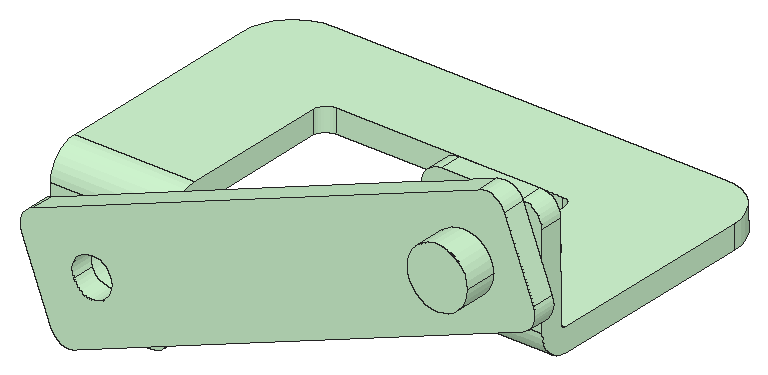
Revit family "hangerlock", category 機械設備, Revit 2022
Family settings
  丸型コネクタ寸法 = 直径を使用
  種別 = なし
  パーツ タイプ = 標準
  作業面ベース = いいえ
  常に垂直 = はい
  ロード時にボイドで切り取り = いいえ
  注釈の向きを維持 = いいえ
  共有 = いいえ
  部屋計算ポイント = いいえ
Parameters
  製造元 = "株式会社桐井製作所"
  既定の高さ = 0 mm
  URL = "https://www.kirii.co.jp/"
  K_品名 = "ハンガーロック"
  K_名称 = "耐震補強金具"
  K_入数 = "300"
  K_備考 = "許容荷重：JISハンガー2000N、一般ハンガー1000N"
  K_バージョン情報 = "20211012"
Reference planes
  plane 1 "中心(正面/背面)": y = 0
  plane 2: z = 0
  plane 3 "中心(左/右)": x = 0
Forms (mm)
  Extrusion 1, solid
    sketch origin (0.007, 0, 2.288) x (0, 1, 0) y (0.000846, 0, -1)
      loop
        line (-2.3, 14.3) -> (-2.3, 3)
        arc (-2.3, 3) -> (-1.421, 0.879) -> (0.7, 0) r 3
        line (0.7, 0) -> (26.7, 0) -> (26.7, 2.3) -> (0.7, 2.3)
        arc (0.7, 2.3) -> (0.205, 2.505) -> (0, 3) r 0.7
        line (0, 3) -> (0, 14.3) -> (-2.3, 14.3)
    from -24.5 to 24.5
  Extrusion 2, void
    sketch origin (0.007, 0, 2.288) x (-1, 0, -0.000846) y (0, 1, 0)
      loop
        arc (-11.25, 16.7) -> (-12.134, 16.334) -> (-12.5, 15.45) r 1.25
        line (-12.5, 15.45) -> (-12.5, 0.7) -> (-24.5, 0.7) -> (-24.5, -2.3) -> (12.5, -2.3) -> (12.5, 15.45)
        arc (12.5, 15.45) -> (12.134, 16.334) -> (11.25, 16.7) r 1.25
        line (11.25, 16.7) -> (-11.25, 16.7)
    from -1.442 to 14.3
  Extrusion 3, solid
    sketch origin (0.007, 0, 2.288) x (0, 1, 0) y (0.000846, 0, -1)
      loop
        line (0.7, 0) -> (0.7, 2.3)
        arc (0.7, 2.3) -> (-1.421, 1.421) -> (-2.3, -0.7) r 3
        line (-2.3, -0.7) -> (-2.3, -12) -> (0, -12) -> (0, -0.7)
        arc (0, -0.7) -> (0.205, -0.205) -> (0.7, 0) r 0.7
    from -24.5 to -12.5
  Extrusion 4, void
    sketch origin (0.007, 0, 2.288) x (-1, 0, -0.000846) y (0, 1, 0)
      loop
        line (-19.5, 26.7) -> (-24.5, 26.7) -> (-24.5, 21.7)
        arc (-24.5, 21.7) -> (-23.036, 25.236) -> (-19.5, 26.7) r 5
      loop
        line (24.5, 21.7) -> (24.5, 26.7) -> (19.5, 26.7)
        arc (19.5, 26.7) -> (23.036, 25.236) -> (24.5, 21.7) r 5
    from 0 to 2.3
  Extrusion 5, void
    sketch origin (0.007, 0, 2.288) x (-1, 0, -0.000846) y (0.000846, 0, -1)
      loop
        circle (18.5, 8.3) r 3
      loop
        circle (-18.5, -6) r 2.75
    from 0 to 2.3
  Extrusion 6, void
    sketch origin (0.007, 0, 2.288) x (-1, 0, -0.000846) y (0.000846, 0, -1)
      loop
        arc (12.5, 12.3) -> (13.086, 13.714) -> (14.5, 14.3) r 2
        line (14.5, 14.3) -> (12.5, 14.3) -> (12.5, 12.3)
      loop
        arc (22.5, 14.3) -> (23.914, 13.714) -> (24.5, 12.3) r 2
        line (24.5, 12.3) -> (24.5, 14.3) -> (22.5, 14.3)
      loop
        arc (-12.5, -10) -> (-13.086, -11.414) -> (-14.5, -12) r 2
        line (-14.5, -12) -> (-12.5, -12) -> (-12.5, -10)
      loop
        arc (-22.5, -12) -> (-23.914, -11.414) -> (-24.5, -10) r 2
        line (-24.5, -10) -> (-24.5, -12) -> (-22.5, -12)
    from 0 to 2.3
  Extrusion 7, solid
    sketch origin (11.345, -2.3, -101.886) x (-0.932357, 0, -0.361538) y (0.361538, 0, -0.932357)
      loop
        line (-2.84, -94.161) -> (-50.51, -94.161)
        arc (-50.51, -94.161) -> (-51.924, -94.746) -> (-52.51, -96.161) r 2
        line (-52.51, -96.161) -> (-52.51, -104.161)
        arc (-52.51, -104.161) -> (-51.924, -105.575) -> (-50.51, -106.161) r 2
        line (-50.51, -106.161) -> (-2.84, -106.161)
        arc (-2.84, -106.161) -> (-1.426, -105.575) -> (-0.84, -104.161) r 2
        line (-0.84, -104.161) -> (-0.84, -96.161)
        arc (-0.84, -96.161) -> (-1.426, -94.746) -> (-2.84, -94.161) r 2
    from 0 to 2.3
  Extrusion 8, void
    sketch origin (11.345, -2.3, -101.886) x (-0.932357, 0, -0.361538) y (0.361538, 0, -0.932357)
      loop
        circle (-6.84, -100.161) r 2
    from 0 to 2.3
  Extrusion 9, void
    sketch origin (-27.924, -2.3, -91.884) x (-1, 0, -0.000846) y (0.000846, 0, -1)
      loop
        circle (-46.51, -100.161) r 2.75
    from 0 to 2.3
  Extrusion 10, solid
    sketch origin (-27.82, -2.3, -91.78) x (-1, 0, -0.000846) y (-0.000846, 0, 1)
      loop
        circle (-46.406, 100.045) r 4.6
    from 2.3 to 4.1
  Extrusion 11, solid
    sketch origin (-27.924, -4.6, -91.884) x (-1, 0, -0.000846) y (-0.000846, 0, 1)
      loop
        circle (-46.51, 100.161) r 3
    from -3.2 to 0
Cuts and joins
  Extrusion 2, Extrusion 4, Extrusion 5, Extrusion 6 cuts Extrusion 1
  Extrusion 4, Extrusion 5, Extrusion 6 cuts Extrusion 3
  joined: Extrusion 1, Extrusion 3
  Extrusion 8, Extrusion 9 cuts Extrusion 7
Dimensions and locks
  aligned and locked: level to plane 2
